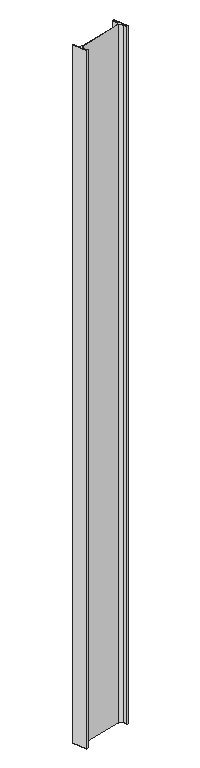
Revit family "M_M Formas-Coluna", category Pilares estruturais, Revit 2019
Family settings
  Forma do corte = Forma I do flange paralelo
  Material para o comportamento do modelo = Aço
  Exportar sempre como geometria = Não
  Redução da viga na planta = Da caixa de vinculação
  Family Name Key = M_M Shapes-Column
  Nome do código = AISC 14.1
  Número OmniClass = 23.25.30.11.14.11
  Título OmniClass = Columns
  ID de item do Seek = M-Shapes-Column-0000-CAN-ENU
  Corte com vazios quando carregada = Não
  Representação simbólica = Das configurações de projeto
  Compartilhado = Não
  Exibir o pré-corte da família na vista da planta = Sim
Parameters (values of type "M200X9.7")
  Largura = 57.90 mm
  Espessura da teia = 3.43 mm
  Concordância da teia = 9.50 mm
  Constante da empena = 1540000000.0 mm6
  Momento de inércia de torção = 7660.00 mm4
  Structural Material [instance] = Aço, 45-345
  Section Name Key = ""
  Área de corte = 1240.0 mm²
  Eixo fraco do módulo plástico = 8670.0 mm³
  Eixo forte do módulo plástico = 89000.0 mm³
  Peso nominal = 9.70 kgf/m
  Eixo fraco do momento de inércia = 157000.00 mm4
  Eixo forte do momento de inércia = 7700000.00 mm4
  Altura = 203.00 mm
  Espessura do flange = 4.80 mm
  Eixo fraco do módulo de elasticidade = 5390.0 mm³
  Eixo forte do módulo de elasticidade = 75900.0 mm³
  Centróide vertical = Altura / 2  # 101.50 mm
  Centróide horizontal = Largura / 2  # 28.95 mm
  Bolt Spacing = 0 mm
  Assembly Code = ""
Types (2, lengths in mm): name | Largura | Espessura da teia | Concordância da teia | Constante da empena | Momento de inércia de torção | Área de corte | Eixo fraco do módulo plástico | Eixo forte do módulo plástico | Peso nominal | Eixo fraco do momento de inércia | Eixo forte do momento de inércia | Altura | Espessura do flange | Eixo fraco do módulo de elasticidade | Eixo forte do módulo de elasticidade | Centróide vertical | Centróide horizontal
  M310X16.1 | 78.00 | 4.06 | 8.97 | 9400000000.0 mm6 | 16400.00 mm4 | 2050.0 mm² | 17500.0 mm³ | 216000.0 mm³ | 16.10 kgf/m | 420000.00 mm4 | 27800000.00 mm4 | 305.00 | 5.33 | 10800.0 mm³ | 182000.0 mm³ | 152.50 | 39.00
  M200X9.7 | 57.90 | 3.43 | 9.50 | 1540000000.0 mm6 | 7660.00 mm4 | 1240.0 mm² | 8670.0 mm³ | 89000.0 mm³ | 9.70 kgf/m | 157000.00 mm4 | 7700000.00 mm4 | 203.00 | 4.80 | 5390.0 mm³ | 75900.0 mm³ | 101.50 | 28.95
Reference planes
  plane 1: y = 0
  plane 2: z = 0
  plane 3: x = 0
  plane 4: x = -28.95
  plane 5: x = 28.95
  plane 6: y = 101.5
  plane 7: y = -101.5
Forms (mm)
  Extrusion 1, solid, material "Aço, 45-345" <- "Structural Material", detail levels medium
    sketch origin (0, 0, 0) x (1, 0, 0) y (0, 1, 0)
      loop
        line (-28.95, 101.5) -> (-28.95, 96.7) -> (-1.715, 96.7) -> (-1.715, -96.7) -> (-28.95, -96.7) -> (-28.95, -101.5) -> (28.95, -101.5) -> (28.95, -96.7) -> (1.715, -96.7) -> (1.715, 96.7) -> (28.95, 96.7) -> (28.95, 101.5) -> (-28.95, 101.5)
    from 0 to 2500
  Extrusion 2, solid, material "Aço, 45-345" <- "Structural Material", detail levels fine
    sketch origin (0, 0, 0) x (1, 0, 0) y (0, 1, 0)
      loop
        line (-28.95, 101.5) -> (-28.95, 96.7) -> (-11.215, 96.7)
        arc (-11.215, 96.7) -> (-4.497, 93.918) -> (-1.715, 87.2) r 9.5
        line (-1.715, 87.2) -> (-1.715, -87.2)
        arc (-1.715, -87.2) -> (-4.497, -93.918) -> (-11.215, -96.7) r 9.5
        line (-11.215, -96.7) -> (-28.95, -96.7) -> (-28.95, -101.5) -> (28.95, -101.5) -> (28.95, -96.7) -> (11.215, -96.7)
        arc (11.215, -96.7) -> (4.497, -93.918) -> (1.715, -87.2) r 9.5
        line (1.715, -87.2) -> (1.715, 87.2)
        arc (1.715, 87.2) -> (4.497, 93.918) -> (11.215, 96.7) r 9.5
        line (11.215, 96.7) -> (28.95, 96.7) -> (28.95, 101.5) -> (-28.95, 101.5)
    from 0 to 2500
Lines and regions (mm)
  symbolic lines, style "StructuralColumnStickSymbols", detail levels coarse
    curve 1: line (-28.95, 101.5, 0) -> (28.95, 101.5, 0)
    curve 2: line (-28.95, -101.5, 0) -> (28.95, -101.5, 0)
    curve 3: line (0, 101.5, 0) -> (0, -101.5, 0)
  symbolic lines, style "Faces ocultas", detail levels medium+fine
    curve 4: line (-1.715, 0, 0) -> (-1.715, 0, 2500)
    curve 5: line (1.715, 0, 2500) -> (1.715, 0, 0)
Dimensions and locks
  equal spacing: plane 4, plane 3, plane 5
  equal spacing: plane 7, plane 1, plane 6
  "Altura": plane 7 to plane 6
  "Largura": plane 4 to plane 5
  "Espessura do flange": plane 7 to Extrusion 1 sketch curve
  "Espessura do flange": Extrusion 1 sketch curve to plane 6
  equal spacing: Extrusion 1 sketch curve, plane 3, Extrusion 1 sketch curve
  "Espessura da teia": Extrusion 1 sketch curve to Extrusion 1 sketch curve
  "Concordância da teia": radius of Extrusion 2 sketch curve  (x4)
  aligned and locked: plane 6 to Extrusion 1 sketch curve
  aligned and locked: Extrusion 1 sketch curve to plane 7
  aligned and locked: Extrusion 1 sketch curve to plane 4  (x2)
  aligned and locked: plane 5 to Extrusion 1 sketch curve  (x2)
  aligned and locked: Extrusion 1 sketch curve to Extrusion 1 sketch curve  (x2)
  aligned and locked: level to Extrusion 1
  aligned and locked: level to plane 2
  aligned and locked: Extrusion 1 to plane 2
  aligned and locked: plane 6 to Extrusion 2 sketch curve
  aligned and locked: plane 5 to Extrusion 2 sketch curve  (x2)
  aligned and locked: Extrusion 2 sketch curve to plane 4  (x2)
  aligned and locked: Extrusion 2 sketch curve to Extrusion 1  (x6)
  aligned and locked: Extrusion 2 sketch curve to plane 7
  aligned and locked: level to Extrusion 2
  aligned and locked: Extrusion 2 to level
  aligned and locked: curve 5 to Extrusion 1
  aligned and locked: curve 4 to Extrusion 1
Automatic sketch dimensions
  curve 2 to plane 4 = 0.00 mm
  curve 1 to plane 4 = 0.00 mm
  curve 3 to plane 3 = 0.00 mm
  curve 2 to plane 5 = 0.00 mm
  curve 1 to plane 5 = 0.00 mm
  curve 3 to plane 7 = 0.00 mm
  curve 3 to plane 6 = 0.00 mm
  curve 4 to level = 0.00 mm  (x2)
  curve 5 to level = 0.00 mm  (x2)
Types in the file's own list only (16): name | Largura | Espessura da teia | Concordância da teia | Constante da empena | Momento de inércia de torção | Chave do nome do corte | Área de corte | Eixo fraco do módulo plástico | Eixo forte do módulo plástico | Peso nominal | Eixo fraco do momento de inércia | Eixo forte do momento de inércia | Altura | Espessura do flange | Eixo fraco do módulo de elasticidade | Eixo forte do módulo de elasticidade | Centróide vertical | Centróide horizontal | Espaçamento do parafuso
  M318X18.5 | 95.30 mm | 3.94 mm | 8.51 mm | 20400000000.0 mm6 | 20500.00 mm4 | M12.5X12.4 | 2340.0 mm² | 27500.0 mm³ | 270000.0 mm³ | 18.50 kgf/m | 837000.00 mm4 | 37200000.00 mm4 | 318.00 mm | 5.79 mm | 17500.0 mm³ | 233000.0 mm³ | 159.00 mm | 47.65 mm | 0.0 mm
  M318X17.3 | 88.90 mm | 3.94 mm | 8.94 mm | 15300000000.0 mm6 | 17200.00 mm4 | M12.5X11.6 | 2190.0 mm² | 22500.0 mm³ | 246000.0 mm³ | 17.30 kgf/m | 629000.00 mm4 | 33400000.00 mm4 | 318.00 mm | 5.36 mm | 14200.0 mm³ | 210000.0 mm³ | 159.00 mm | 44.45 mm | 0.0 mm
  M310X17.6 | 78.00 mm | 4.50 mm | 8.58 mm | 10100000000.0 mm6 | 20800.00 mm4 | M12X11.8 | 2240.0 mm² | 18800.0 mm³ | 234000.0 mm³ | 17.60 kgf/m | 454000.00 mm4 | 30100000.00 mm4 | 305.00 mm | 5.72 mm | 11600.0 mm³ | 197000.0 mm³ | 152.50 mm | 39.00 mm | 0.0 mm
  M310X14.9 | 82.60 mm | 3.78 mm | 8.13 mm | 9640000000.0 mm6 | 12200.00 mm4 | M12X10 | 1900.0 mm² | 16700.0 mm³ | 200000.0 mm³ | 14.90 kgf/m | 429000.00 mm4 | 25700000.00 mm4 | 305.00 mm | 4.57 mm | 10400.0 mm³ | 169000.0 mm³ | 152.50 mm | 41.30 mm | 0.0 mm
  M250X13.4 | 68.30 mm | 3.99 mm | 9.07 mm | 4320000000.0 mm6 | 13100.00 mm4 | M10X9 | 1710.0 mm² | 13300.0 mm³ | 151000.0 mm³ | 13.40 kgf/m | 280000.00 mm4 | 16200000.00 mm4 | 254.00 mm | 5.23 mm | 8190.0 mm³ | 128000.0 mm³ | 127.00 mm | 34.15 mm | 0.0 mm
  M250X11.9 | 68.30 mm | 3.58 mm | 9.68 mm | 3810000000.0 mm6 | 9320.00 mm4 | M10X8 | 1530.0 mm² | 11700.0 mm³ | 134000.0 mm³ | 11.90 kgf/m | 247000.00 mm4 | 14400000.00 mm4 | 253.00 mm | 4.62 mm | 7230.0 mm³ | 114000.0 mm³ | 126.50 mm | 34.15 mm | 0.0 mm
  M250X11.2 | 68.30 mm | 3.30 mm | 6.71 mm | 3630000000.0 mm6 | 7780.00 mm4 | M10X7.5 | 1430.0 mm² | 11000.0 mm³ | 127000.0 mm³ | 11.20 kgf/m | 234000.00 mm4 | 13700000.00 mm4 | 254.00 mm | 4.39 mm | 6850.0 mm³ | 108000.0 mm³ | 127.00 mm | 34.15 mm | 0.0 mm
  M200X9.2 | 57.90 mm | 3.28 mm | 6.60 mm | 1440000000.0 mm6 | 6490.00 mm4 | M8X6.2 | 1170.0 mm² | 8110.0 mm³ | 84400.0 mm³ | 9.20 kgf/m | 147000.00 mm4 | 7330000.00 mm4 | 203.00 mm | 4.50 mm | 5050.0 mm³ | 71900.0 mm³ | 101.50 mm | 28.95 mm | 0.0 mm
  M150X6.6 | 46.70 mm | 2.90 mm | 5.19 mm | 411000000.0 mm6 | 4120.00 mm4 | M6X4.4 | 832.0 mm² | 5100.0 mm³ | 45900.0 mm³ | 6.60 kgf/m | 74900.00 mm4 | 3010000.00 mm4 | 152.00 mm | 4.34 mm | 3200.0 mm³ | 39500.0 mm³ | 76.00 mm | 23.35 mm | 0.0 mm
  M150X5.5 | 50.80 mm | 2.49 mm | 4.67 mm | 389000000.0 mm6 | 2210.00 mm4 | M6X3.7 | 703.0 mm² | 4470.0 mm³ | 38200.0 mm³ | 5.50 kgf/m | 72000.00 mm4 | 2480000.00 mm4 | 150.00 mm | 3.28 mm | 2830.0 mm³ | 32900.0 mm³ | 75.00 mm | 25.40 mm | 0.0 mm
  M130X28.1 | 127.00 mm | 8.03 mm | 10.10 mm | 12300000000.0 mm6 | 130000.00 mm4 | M5X18.9 | 3590.0 mm² | 87300.0 mm³ | 182000.0 mm³ | 28.10 kgf/m | 3620000.00 mm4 | 10100000.00 mm4 | 127.00 mm | 10.60 mm | 57000.0 mm³ | 158000.0 mm³ | 63.50 mm | 63.50 mm | 69.9 mm
  M100X8.9 | 96.50 mm | 3.30 mm | 8.64 mm | 1310000000.0 mm6 | 7660.00 mm4 | M4X6 | 1130.0 mm² | 19300.0 mm³ | 44900.0 mm³ | 8.90 kgf/m | 612000.00 mm4 | 1960000.00 mm4 | 96.50 mm | 4.06 mm | 12600.0 mm³ | 40600.0 mm³ | 48.25 mm | 48.25 mm | 0.0 mm
  M100X6.1 | 57.20 mm | 2.92 mm | 9.98 mm | 320000000.0 mm6 | 6120.00 mm4 | M4X4.08 | 819.0 mm² | 7420.0 mm³ | 32800.0 mm³ | 6.10 kgf/m | 135000.00 mm4 | 1470000.00 mm4 | 102.00 mm | 4.32 mm | 4740.0 mm³ | 29000.0 mm³ | 51.00 mm | 28.60 mm | 0.0 mm
  M100X5.1 | 57.20 mm | 2.34 mm | 9.40 mm | 250000000.0 mm6 | 3410.00 mm4 | M4X3.45 | 652.0 mm² | 5670.0 mm³ | 26200.0 mm³ | 5.10 kgf/m | 103000.00 mm4 | 1190000.00 mm4 | 102.00 mm | 3.30 mm | 3620.0 mm³ | 23400.0 mm³ | 51.00 mm | 28.60 mm | 0.0 mm
  M100X4.8 | 57.20 mm | 2.34 mm | 9.40 mm | 250000000.0 mm6 | 3410.00 mm4 | M4X3.2 | 652.0 mm² | 5670.0 mm³ | 26200.0 mm³ | 4.80 kgf/m | 103000.00 mm4 | 1190000.00 mm4 | 102.00 mm | 3.30 mm | 3620.0 mm³ | 23400.0 mm³ | 51.00 mm | 28.60 mm | 0.0 mm
  M100X4.3 | 57.20 mm | 2.29 mm | 9.40 mm | 137000000.0 mm6 | 3290.00 mm4 | M3X2.9 | 590.0 mm² | 5640.0 mm³ | 18400.0 mm³ | 4.30 kgf/m | 103000.00 mm4 | 624000.00 mm4 | 76.20 mm | 3.30 mm | 3620.0 mm³ | 16400.0 mm³ | 38.10 mm | 28.60 mm | 0.0 mm
